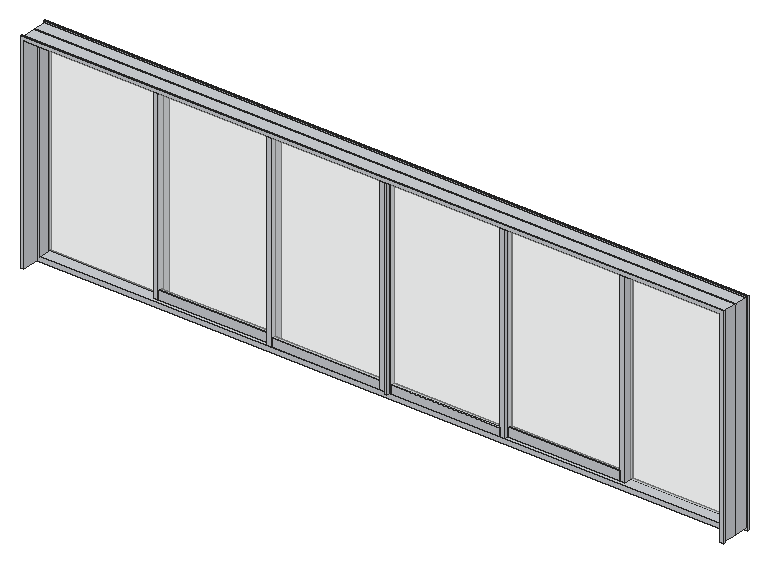
Revit family "APL Residential Thermal Heart Sliding Door FSSSSF", category Doors, host Wall, Revit 2017 (continued)
Definition of nested family "APL Residential Thermal Heart Sliding Door FSSSSF Horizontal Section"
  Definition of nested family "Jointer Stiles"
    Definition of nested family "65540_Keeper Stile"
      Lines and regions (mm)
        model lines, in view "Ref. Level"
          curve 163: arc (8.477, -5.399, 0) -> (8.741, -5.283, 0) -> (8.785, -4.997, 0) r 0.3
          curve 164: arc (8.271, -3.587, 0) -> (8.184, -3.461, 0) -> (8.046, -3.395, 0) r 0.3
          curve 165: arc (8.046, -3.395, 0) -> (7.804, -3.122, 0) -> (8.003, -2.817, 0) r 0.3
          curve 166: arc (-6.5, 15.3, 0) -> (-6.354, 14.946, 0) -> (-6, 14.8, 0) r 0.5
          curve 167: arc (6, 14.8, 0) -> (6.354, 14.946, 0) -> (6.5, 15.3, 0) r 0.5
          curve 168: arc (6.5, 42.105, 0) -> (6.207, 42.812, 0) -> (5.5, 43.105, 0) r 1
          curve 169: arc (-5.5, 43.105, 0) -> (-6.207, 42.812, 0) -> (-6.5, 42.105, 0) r 1
          curve 170: line (-6.2, 0.001, 0) -> (-0.597, 0.001, 0)
          curve 171: line (-0.397, 0.201, 0) -> (-0.397, 12.7, 0)
          curve 172: line (-0.897, 13.2, 0) -> (-5.9, 13.2, 0)
          curve 173: line (-6.4, 12.7, 0) -> (-6.4, 0.203, 0)
          curve 174: line (8.003, -2.817, 0) -> (8.003, -0.5, 0)
          curve 175: line (7.503, 0, 0) -> (2.003, 0, 0)
          curve 176: line (1.503, 0.5, 0) -> (1.503, 12.7, 0)
          curve 177: line (2.003, 13.2, 0) -> (6, 13.2, 0)
          curve 178: line (8.124, 14.3, 0) -> (23.631, 14.3, 0)
          curve 179: line (23.824, 14.048, 0) -> (23.423, 12.552, 0)
          curve 180: line (23.616, 12.3, 0) -> (24.447, 12.3, 0)
          curve 181: line (24.447, 12.3, 0) -> (25.8, 12.538, 0)
          curve 182: line (25.965, 12.735, 0) -> (25.965, 14, 0)
          curve 183: line (25.965, 14, 0) -> (26.807, 14, 0)
          curve 184: line (27.007, 14.2, 0) -> (27.007, 15.35, 0)
          curve 185: line (27.007, 15.35, 0) -> (27.378, 15.35, 0)
          curve 186: line (27.378, 16.1, 0) -> (8.2, 16.1, 0)
          curve 187: line (8, 16.3, 0) -> (8, 42.105, 0)
          curve 188: line (4, 46.105, 0) -> (-4, 46.105, 0)
          curve 189: line (-8, 42.105, 0) -> (-8, 16.3, 0)
          curve 190: line (-8.2, 16.1, 0) -> (-26.047, 16.1, 0)
          curve 191: line (-26.247, 15.9, 0) -> (-26.247, 15.699, 0)
          curve 192: line (-25.247, 14.699, 0) -> (-24.247, 14.699, 0)
          curve 193: line (-24.247, 14.699, 0) -> (-20.243, 14.413, 0)
          curve 194: line (-19.887, 14.4, 0) -> (-8.5, 14.4, 0)
          curve 195: line (-8, 13.9, 0) -> (-8, 3.801, 0)
          curve 196: line (-8, 3.801, 0) -> (-7.6, 3.401, 0)
          curve 197: line (-7.6, 3.401, 0) -> (-8, 3.001, 0)
          curve 198: line (-8, 3.001, 0) -> (-8, -2.816, 0)
          curve 199: line (-8.268, -3.586, 0) -> (-8.782, -4.997, 0)
          curve 200: line (-8.474, -5.398, 0) -> (-6.108, -5.191, 0)
          curve 201: line (-5.922, -5.104, 0) -> (-5.559, -4.741, 0)
          curve 202: line (-5.648, -4.406, 0) -> (-5.816, -4.361, 0)
          curve 203: line (-5.816, -4.361, 0) -> (-6.49, -2.231, 0)
          curve 204: line (-6.49, -2.231, 0) -> (-6.5, -1.999, 0)
          curve 205: line (-5.753, -1.899, 0) -> (-2.525, -1.899, 0)
          curve 206: line (-2.525, -1.899, 0) -> (-1.75, -1.706, 0)
          curve 207: line (-1.5, -1.899, 0) -> (-1.5, -2.42, 0)
          curve 208: line (-1.5, -2.42, 0) -> (-2.309, -3.83, 0)
          curve 209: line (-2.45, -4.399, 0) -> (-0.425, -4.399, 0)
          curve 210: line (-0.255, -4.303, 0) -> (-0.17, -4.164, 0)
          curve 211: line (0.172, -4.164, 0) -> (0.257, -4.304, 0)
          curve 212: line (0.428, -4.4, 0) -> (2.452, -4.4, 0)
          curve 213: line (2.312, -3.831, 0) -> (1.547, -2.577, 0)
          curve 214: line (1.547, -2.577, 0) -> (1.503, -1.9, 0)
          curve 215: line (1.753, -1.706, 0) -> (2.478, -1.894, 0)
          curve 216: line (2.478, -1.894, 0) -> (5.756, -1.9, 0)
          curve 217: line (6.503, -2.154, 0) -> (5.96, -4.221, 0)
          curve 218: line (5.96, -4.221, 0) -> (5.651, -4.407, 0)
          curve 219: line (5.561, -4.741, 0) -> (5.925, -5.105, 0)
          curve 220: line (6.111, -5.192, 0) -> (8.477, -5.399, 0)
          curve 221: line (8.785, -4.997, 0) -> (8.271, -3.587, 0)
          curve 222: line (-6.5, 42.105, 0) -> (-6.5, 34.899, 0)
          curve 223: line (-6.5, 34.899, 0) -> (-5.5, 33.899, 0)
          curve 224: line (-5.5, 33.899, 0) -> (-5.5, 27.899, 0)
          curve 225: line (-5.5, 27.899, 0) -> (-6.5, 26.899, 0)
          curve 226: line (-6.5, 26.899, 0) -> (-6.5, 15.3, 0)
          curve 227: line (-6, 14.8, 0) -> (6, 14.8, 0)
          curve 228: line (6.5, 15.3, 0) -> (6.5, 42.105, 0)
          curve 229: line (5.5, 43.105, 0) -> (-5.5, 43.105, 0)
          curve 230: arc (2.403, -16.7, 0) -> (2.12, -16.583, 0) -> (2.003, -16.3, 0) r 0.4
          curve 231: arc (2.003, -16.007, 0) -> (2.016, -15.904, 0) -> (2.057, -15.807, 0) r 0.4
          curve 232: arc (2.941, -14.279, 0) -> (3.062, -13.989, 0) -> (3.103, -13.678, 0) r 1.2
          curve 233: arc (3.103, -12.755, 0) -> (3.284, -12.182, 0) -> (3.761, -11.816, 0) r 1
          curve 234: arc (5.94, -11.023, 0) -> (6.13, -10.876, 0) -> (6.203, -10.647, 0) r 0.4
          curve 235: arc (6.203, -7.953, 0) -> (6.13, -7.724, 0) -> (5.94, -7.577, 0) r 0.4
          curve 236: arc (3.761, -6.784, 0) -> (3.284, -6.418, 0) -> (3.103, -5.845, 0) r 1
          curve 237: arc (3.103, -4.922, 0) -> (3.062, -4.611, 0) -> (2.941, -4.321, 0) r 1.2
          curve 238: arc (2.057, -2.793, 0) -> (2.016, -2.696, 0) -> (2.003, -2.593, 0) r 0.4
          curve 239: arc (2.003, -2.3, 0) -> (2.12, -2.017, 0) -> (2.403, -1.9, 0) r 0.4
          curve 240: arc (5.803, -1.9, 0) -> (6.086, -2.017, 0) -> (6.203, -2.3, 0) r 0.4
          curve 241: arc (6.203, -2.593, 0) -> (6.189, -2.696, 0) -> (6.149, -2.793, 0) r 0.4
          curve 242: arc (5.264, -4.321, 0) -> (5.143, -4.615, 0) -> (5.103, -4.93, 0) r 1.2
          curve 243: arc (5.103, -4.93, 0) -> (5.156, -5.105, 0) -> (5.3, -5.216, 0) r 0.3
          curve 244: arc (7.74, -6.104, 0) -> (7.93, -6.251, 0) -> (8.003, -6.48, 0) r 0.4
          curve 245: arc (8.003, -12.12, 0) -> (7.93, -12.349, 0) -> (7.74, -12.496, 0) r 0.4
          curve 246: arc (5.3, -13.384, 0) -> (5.156, -13.495, 0) -> (5.103, -13.67, 0) r 0.3
          curve 247: arc (5.103, -13.67, 0) -> (5.143, -13.985, 0) -> (5.264, -14.279, 0) r 1.2
          curve 248: arc (6.149, -15.807, 0) -> (6.189, -15.904, 0) -> (6.203, -16.007, 0) r 0.4
          curve 249: arc (6.203, -16.3, 0) -> (6.086, -16.583, 0) -> (5.803, -16.7, 0) r 0.4
          curve 250: line (2.003, -16.3, 0) -> (2.003, -16.007, 0)
          curve 251: line (2.057, -15.807, 0) -> (2.941, -14.279, 0)
          curve 252: line (3.103, -13.678, 0) -> (3.103, -12.755, 0)
          curve 253: line (3.761, -11.816, 0) -> (5.94, -11.023, 0)
          curve 254: line (6.203, -10.647, 0) -> (6.203, -7.953, 0)
          curve 255: line (5.94, -7.577, 0) -> (3.761, -6.784, 0)
          curve 256: line (3.103, -5.845, 0) -> (3.103, -4.922, 0)
          curve 257: line (2.941, -4.321, 0) -> (2.057, -2.793, 0)
          curve 258: line (2.003, -2.593, 0) -> (2.003, -2.3, 0)
          curve 259: line (2.403, -1.9, 0) -> (5.803, -1.9, 0)
          curve 260: line (6.203, -2.3, 0) -> (6.203, -2.593, 0)
          curve 261: line (6.149, -2.793, 0) -> (5.264, -4.321, 0)
          curve 262: line (5.3, -5.216, 0) -> (7.74, -6.104, 0)
          curve 263: line (8.003, -6.48, 0) -> (8.003, -12.12, 0)
          curve 264: line (7.74, -12.496, 0) -> (5.3, -13.384, 0)
          curve 265: line (5.264, -14.279, 0) -> (6.149, -15.807, 0)
          curve 266: line (6.203, -16.007, 0) -> (6.203, -16.3, 0)
          curve 267: line (5.803, -16.7, 0) -> (2.403, -16.7, 0)
          curve 268: arc (-2.4, -16.699, 0) -> (-2.117, -16.582, 0) -> (-2, -16.299, 0) r 0.4
          curve 269: arc (-2, -16.007, 0) -> (-2.014, -15.903, 0) -> (-2.054, -15.806, 0) r 0.4
          curve 270: arc (-2.939, -14.278, 0) -> (-3.059, -13.988, 0) -> (-3.1, -13.677, 0) r 1.2
          curve 271: arc (-3.1, -12.754, 0) -> (-3.281, -12.181, 0) -> (-3.758, -11.815, 0) r 1
          curve 272: arc (-5.937, -11.022, 0) -> (-6.128, -10.875, 0) -> (-6.2, -10.646, 0) r 0.4
          curve 273: arc (-6.2, -7.952, 0) -> (-6.128, -7.723, 0) -> (-5.937, -7.577, 0) r 0.4
          curve 274: arc (-3.758, -6.784, 0) -> (-3.281, -6.417, 0) -> (-3.1, -5.844, 0) r 1
          curve 275: arc (-3.1, -4.921, 0) -> (-3.059, -4.61, 0) -> (-2.939, -4.32, 0) r 1.2
          curve 276: arc (-2.054, -2.792, 0) -> (-2.014, -2.695, 0) -> (-2, -2.592, 0) r 0.4
          curve 277: arc (-2, -2.299, 0) -> (-2.117, -2.016, 0) -> (-2.4, -1.899, 0) r 0.4
          curve 278: arc (-5.8, -1.899, 0) -> (-6.083, -2.016, 0) -> (-6.2, -2.299, 0) r 0.4
          curve 279: arc (-6.2, -2.592, 0) -> (-6.186, -2.695, 0) -> (-6.146, -2.792, 0) r 0.4
          curve 280: arc (-5.261, -4.32, 0) -> (-5.14, -4.614, 0) -> (-5.1, -4.93, 0) r 1.2
          curve 281: arc (-5.1, -4.93, 0) -> (-5.153, -5.104, 0) -> (-5.297, -5.216, 0) r 0.3
          curve 282: arc (-7.737, -6.103, 0) -> (-7.928, -6.25, 0) -> (-8, -6.479, 0) r 0.4
          curve 283: arc (-8, -12.119, 0) -> (-7.928, -12.349, 0) -> (-7.737, -12.495, 0) r 0.4
          curve 284: arc (-5.297, -13.383, 0) -> (-5.153, -13.494, 0) -> (-5.1, -13.669, 0) r 0.3
          curve 285: arc (-5.1, -13.669, 0) -> (-5.14, -13.984, 0) -> (-5.261, -14.278, 0) r 1.2
          curve 286: arc (-6.146, -15.806, 0) -> (-6.186, -15.903, 0) -> (-6.2, -16.007, 0) r 0.4
          curve 287: arc (-6.2, -16.299, 0) -> (-6.083, -16.582, 0) -> (-5.8, -16.699, 0) r 0.4
          curve 288: line (-2, -16.299, 0) -> (-2, -16.007, 0)
          curve 289: line (-2.054, -15.806, 0) -> (-2.939, -14.278, 0)
          curve 290: line (-3.1, -13.677, 0) -> (-3.1, -12.754, 0)
          curve 291: line (-3.758, -11.815, 0) -> (-5.937, -11.022, 0)
          curve 292: line (-6.2, -10.646, 0) -> (-6.2, -7.952, 0)
          curve 293: line (-5.937, -7.577, 0) -> (-3.758, -6.784, 0)
          curve 294: line (-3.1, -5.844, 0) -> (-3.1, -4.921, 0)
          curve 295: line (-2.939, -4.32, 0) -> (-2.054, -2.792, 0)
          curve 296: line (-2, -2.592, 0) -> (-2, -2.299, 0)
          curve 297: line (-2.4, -1.899, 0) -> (-5.8, -1.899, 0)
          curve 298: line (-6.2, -2.299, 0) -> (-6.2, -2.592, 0)
          curve 299: line (-6.146, -2.792, 0) -> (-5.261, -4.32, 0)
          curve 300: line (-5.297, -5.216, 0) -> (-7.737, -6.103, 0)
          curve 301: line (-8, -6.479, 0) -> (-8, -12.119, 0)
          curve 302: line (-7.737, -12.495, 0) -> (-5.297, -13.383, 0)
          curve 303: line (-5.261, -14.278, 0) -> (-6.146, -15.806, 0)
          curve 304: line (-6.2, -16.007, 0) -> (-6.2, -16.299, 0)
          curve 305: line (-5.8, -16.699, 0) -> (-2.4, -16.699, 0)
      Text (mm)
        text "65540" at (35.06, 37.609, 0), in view "Ref. Level"
    Definition of nested family "65530_Lock Stile"
      Reference planes
        plane 1 "Center (Front/Back)": y = 0
        plane 2: z = 0
        plane 3 "Center (Left/Right)": x = 0
      Lines and regions (mm)
        model lines, in view "Ref. Level"
          curve 1: arc (-6.459, -13.382, 0) -> (-6.382, -13.54, 0) -> (-6.209, -13.576, 0) r 0.2
          curve 2: arc (-2.207, -13.382, 0) -> (-2.084, -13.408, 0) -> (-1.983, -13.482, 0) r 0.3
          curve 3: arc (-1.983, -13.482, 0) -> (-1.652, -13.562, 0) -> (-1.459, -13.282, 0) r 0.3
          curve 4: arc (-2.002, -11.062, 0) -> (-2.054, -10.972, 0) -> (-2.144, -10.92, 0) r 0.2
          curve 5: arc (-2.311, -10.875, 0) -> (-2.453, -10.734, 0) -> (-2.401, -10.541, 0) r 0.2
          curve 6: arc (-2.037, -10.177, 0) -> (-1.952, -10.117, 0) -> (-1.851, -10.09, 0) r 0.3
          curve 7: arc (0.514, -9.883, 0) -> (0.779, -9.999, 0) -> (0.823, -10.285, 0) r 0.3
          curve 8: arc (0.309, -11.696, 0) -> (0.222, -11.821, 0) -> (0.084, -11.888, 0) r 0.3
          curve 9: arc (0.084, -11.888, 0) -> (-0.159, -12.16, 0) -> (0.041, -12.465, 0) r 0.3
          curve 10: arc (0.041, -13.235, 0) -> (0.187, -13.589, 0) -> (0.541, -13.735, 0) r 0.5
          curve 11: arc (3.102, -13.735, 0) -> (3.281, -13.739, 0) -> (3.459, -13.748, 0) r 5
          curve 12: arc (8.963, -14.035, 0) -> (9.316, -14.181, 0) -> (9.463, -14.535, 0) r 0.5
          curve 13: arc (9.463, -14.936, 0) -> (9.316, -15.289, 0) -> (8.963, -15.436, 0) r 0.5
          curve 14: arc (-53.587, -15.433, 0) -> (-53.962, -15.058, 0) -> (-53.587, -14.683, 0) r 0.375
          curve 15: arc (-53.212, -11.432, 0) -> (-53.153, -11.291, 0) -> (-53.012, -11.232, 0) r 0.2
          curve 16: arc (-51.582, -11.232, 0) -> (-51.44, -11.291, 0) -> (-51.382, -11.432, 0) r 0.2
          curve 17: arc (-51.382, -12.032, 0) -> (-51.44, -12.173, 0) -> (-51.582, -12.232, 0) r 0.2
          curve 18: arc (-51.932, -12.232, 0) -> (-52.073, -12.291, 0) -> (-52.132, -12.432, 0) r 0.2
          curve 19: arc (-52.132, -13.032, 0) -> (-52.073, -13.173, 0) -> (-51.932, -13.232, 0) r 0.2
          curve 20: arc (-51.582, -13.232, 0) -> (-51.44, -13.291, 0) -> (-51.382, -13.432, 0) r 0.2
          curve 21: arc (-51.382, -13.433, 0) -> (-51.323, -13.574, 0) -> (-51.182, -13.633, 0) r 0.2
          curve 22: arc (-49.582, -13.633, 0) -> (-49.44, -13.574, 0) -> (-49.382, -13.433, 0) r 0.2
          curve 23: arc (-49.382, -13.432, 0) -> (-49.323, -13.291, 0) -> (-49.182, -13.232, 0) r 0.2
          curve 24: arc (-48.832, -13.232, 0) -> (-48.69, -13.173, 0) -> (-48.632, -13.032, 0) r 0.2
          curve 25: arc (-48.632, -12.432, 0) -> (-48.69, -12.291, 0) -> (-48.832, -12.232, 0) r 0.2
          curve 26: arc (-49.182, -12.232, 0) -> (-49.323, -12.173, 0) -> (-49.382, -12.032, 0) r 0.2
          curve 27: arc (-49.382, -11.432, 0) -> (-49.323, -11.291, 0) -> (-49.182, -11.232, 0) r 0.2
          curve 28: arc (-46.082, -11.232, 0) -> (-45.94, -11.291, 0) -> (-45.882, -11.432, 0) r 0.2
          curve 29: arc (-45.882, -12.032, 0) -> (-45.94, -12.173, 0) -> (-46.082, -12.232, 0) r 0.2
          curve 30: arc (-46.832, -12.232, 0) -> (-47.185, -12.379, 0) -> (-47.332, -12.732, 0) r 0.5
          curve 31: arc (-47.332, -13.133, 0) -> (-47.185, -13.486, 0) -> (-46.832, -13.633, 0) r 0.5
          curve 32: arc (-34.709, -13.632, 0) -> (-34.356, -13.486, 0) -> (-34.209, -13.132, 0) r 0.5
          curve 33: arc (-34.209, -11.315, 0) -> (-34.01, -11.01, 0) -> (-34.253, -10.737, 0) r 0.3
          curve 34: arc (-34.253, -10.737, 0) -> (-34.391, -10.671, 0) -> (-34.478, -10.546, 0) r 0.3
          curve 35: arc (-34.991, -9.135, 0) -> (-34.947, -8.849, 0) -> (-34.683, -8.733, 0) r 0.3
          curve 36: arc (-32.318, -8.94, 0) -> (-32.217, -8.967, 0) -> (-32.132, -9.027, 0) r 0.3
          curve 37: arc (-31.768, -9.391, 0) -> (-31.716, -9.584, 0) -> (-31.858, -9.725, 0) r 0.2
          curve 38: arc (-32.025, -9.77, 0) -> (-32.115, -9.822, 0) -> (-32.166, -9.911, 0) r 0.2
          curve 39: arc (-32.709, -12.132, 0) -> (-32.516, -12.412, 0) -> (-32.186, -12.332, 0) r 0.3
          curve 40: arc (-32.186, -12.332, 0) -> (-32.085, -12.258, 0) -> (-31.962, -12.232, 0) r 0.3
          curve 41: arc (-27.959, -12.426, 0) -> (-27.787, -12.39, 0) -> (-27.709, -12.232, 0) r 0.2
          curve 42: arc (-27.709, -11.711, 0) -> (-27.721, -11.63, 0) -> (-27.753, -11.555, 0) r 0.3
          curve 43: arc (-28.518, -10.301, 0) -> (-28.688, -10.304, 0) -> (-28.821, -10.198, 0) r 0.25
          curve 44: arc (-28.873, -10.112, 0) -> (-28.877, -9.86, 0) -> (-28.659, -9.732, 0) r 0.25
          curve 45: arc (-26.92, -9.732, 0) -> (-26.676, -9.796, 0) -> (-26.494, -9.972, 0) r 0.5
          curve 46: arc (-25.883, -10.973, 0) -> (-25.828, -11.098, 0) -> (-25.809, -11.233, 0) r 0.5
          curve 47: arc (-25.809, -13.029, 0) -> (-25.664, -13.384, 0) -> (-25.309, -13.532, 0) r 0.5
          curve 48: arc (-8.559, -13.531, 0) -> (-8.418, -13.473, 0) -> (-8.359, -13.331, 0) r 0.2
          curve 49: arc (-8.359, -11.084, 0) -> (-8.301, -10.941, 0) -> (-8.159, -10.882, 0) r 0.2
          curve 50: arc (-5.51, -10.882, 0) -> (-5.292, -11.01, 0) -> (-5.296, -11.262, 0) r 0.25
          curve 51: arc (-5.348, -11.348, 0) -> (-5.481, -11.454, 0) -> (-5.65, -11.451, 0) r 0.25
          curve 52: arc (-6.415, -12.705, 0) -> (-6.448, -12.78, 0) -> (-6.459, -12.861, 0) r 0.3
          curve 53: line (-6.209, -13.576, 0) -> (-5.459, -13.382, 0)
          curve 54: line (-5.484, -13.388, 0) -> (-2.207, -13.382, 0)
          curve 55: line (-1.459, -13.128, 0) -> (-2.002, -11.062, 0)
          curve 56: line (-2.002, -11.062, 0) -> (-2.311, -10.875, 0)
          curve 57: line (-2.401, -10.541, 0) -> (-2.037, -10.177, 0)
          curve 58: line (-1.851, -10.09, 0) -> (0.514, -9.883, 0)
          curve 59: line (0.823, -10.285, 0) -> (0.309, -11.696, 0)
          curve 60: line (0.041, -12.465, 0) -> (0.041, -13.235, 0)
          curve 61: line (0.541, -13.735, 0) -> (3.102, -13.735, 0)
          curve 62: line (3.459, -13.748, 0) -> (7.463, -14.035, 0)
          curve 63: line (7.463, -14.035, 0) -> (8.963, -14.035, 0)
          curve 64: line (9.463, -14.535, 0) -> (9.463, -14.936, 0)
          curve 65: line (8.963, -15.436, 0) -> (-53.587, -15.436, 0)
          curve 66: line (-53.587, -14.683, 0) -> (-53.212, -14.683, 0)
          curve 67: line (-53.212, -14.683, 0) -> (-53.212, -11.432, 0)
          curve 68: line (-53.012, -11.232, 0) -> (-51.582, -11.232, 0)
          curve 69: line (-51.382, -11.432, 0) -> (-51.382, -12.032, 0)
          curve 70: line (-51.582, -12.232, 0) -> (-51.932, -12.232, 0)
          curve 71: line (-52.132, -12.432, 0) -> (-52.132, -13.032, 0)
          curve 72: line (-51.932, -13.232, 0) -> (-51.582, -13.232, 0)
          curve 73: line (-51.182, -13.633, 0) -> (-49.582, -13.633, 0)
          curve 74: line (-49.182, -13.232, 0) -> (-48.832, -13.232, 0)
          curve 75: line (-48.632, -13.032, 0) -> (-48.632, -12.432, 0)
          curve 76: line (-48.832, -12.232, 0) -> (-49.182, -12.232, 0)
          curve 77: line (-49.382, -12.032, 0) -> (-49.382, -11.432, 0)
          curve 78: line (-49.182, -11.232, 0) -> (-46.082, -11.232, 0)
          curve 79: line (-45.882, -11.432, 0) -> (-45.882, -12.032, 0)
          curve 80: line (-46.082, -12.232, 0) -> (-46.832, -12.232, 0)
          curve 81: line (-47.332, -12.732, 0) -> (-47.332, -13.133, 0)
          curve 82: line (-46.832, -13.633, 0) -> (-34.709, -13.633, 0)
          curve 83: line (-34.209, -13.132, 0) -> (-34.209, -11.315, 0)
          curve 84: line (-34.478, -10.546, 0) -> (-34.991, -9.135, 0)
          curve 85: line (-34.683, -8.733, 0) -> (-32.318, -8.94, 0)
          curve 86: line (-32.132, -9.027, 0) -> (-31.768, -9.391, 0)
          curve 87: line (-31.858, -9.725, 0) -> (-32.025, -9.77, 0)
          curve 88: line (-32.025, -9.77, 0) -> (-32.699, -11.9, 0)
          curve 89: line (-32.699, -11.9, 0) -> (-32.709, -12.132, 0)
          curve 90: line (-31.962, -12.232, 0) -> (-28.735, -12.232, 0)
          curve 91: line (-28.735, -12.232, 0) -> (-27.959, -12.426, 0)
          curve 92: line (-27.709, -12.232, 0) -> (-27.709, -11.711, 0)
          curve 93: line (-27.709, -11.711, 0) -> (-28.518, -10.301, 0)
          curve 94: line (-28.659, -9.732, 0) -> (-26.92, -9.732, 0)
          curve 95: line (-26.494, -9.972, 0) -> (-25.883, -10.973, 0)
          curve 96: line (-25.809, -11.233, 0) -> (-25.809, -13.029, 0)
          curve 97: line (-25.309, -13.532, 0) -> (-8.559, -13.532, 0)
          curve 98: line (-8.359, -13.331, 0) -> (-8.359, -11.084, 0)
          curve 99: line (-8.159, -10.882, 0) -> (-5.51, -10.882, 0)
          curve 100: line (-5.65, -11.451, 0) -> (-6.415, -12.705, 0)
          curve 101: line (-6.415, -12.705, 0) -> (-6.459, -13.382, 0)
          curve 102: arc (-53.584, 20.568, 0) -> (-53.959, 20.193, 0) -> (-53.584, 19.818, 0) r 0.375
          curve 103: arc (-53.214, 18.668, 0) -> (-53.155, 18.527, 0) -> (-53.014, 18.468, 0) r 0.201
          curve 104: arc (-52.172, 17.203, 0) -> (-52.125, 17.075, 0) -> (-52.007, 17.006, 0) r 0.2
          curve 105: arc (-49.823, 16.768, 0) -> (-49.664, 16.846, 0) -> (-49.629, 17.02, 0) r 0.2
          curve 106: arc (-50.031, 18.516, 0) -> (-49.996, 18.69, 0) -> (-49.837, 18.768, 0) r 0.2
          curve 107: arc (-28.209, 18.768, 0) -> (-27.856, 18.621, 0) -> (-27.709, 18.268, 0) r 0.5
          curve 108: arc (-27.709, 4.968, 0) -> (-27.853, 4.612, 0) -> (-28.209, 4.468, 0) r 0.491
          curve 109: arc (-33.709, 4.468, 0) -> (-34.062, 4.321, 0) -> (-34.209, 3.968, 0) r 0.502
          curve 110: arc (-34.209, 1.651, 0) -> (-34.01, 1.346, 0) -> (-34.253, 1.073, 0) r 0.3
          curve 111: arc (-34.253, 1.073, 0) -> (-34.391, 1.007, 0) -> (-34.478, 0.881, 0) r 0.3
          curve 112: arc (-34.991, -0.529, 0) -> (-34.947, -0.815, 0) -> (-34.683, -0.931, 0) r 0.3
          curve 113: arc (-32.318, -0.724, 0) -> (-32.217, -0.697, 0) -> (-32.132, -0.637, 0) r 0.3
          curve 114: arc (-31.768, -0.273, 0) -> (-31.716, -0.08, 0) -> (-31.858, 0.061, 0) r 0.2
          curve 115: arc (-32.025, 0.106, 0) -> (-32.115, 0.158, 0) -> (-32.166, 0.247, 0) r 0.2
          curve 116: arc (-32.709, 2.468, 0) -> (-32.516, 2.748, 0) -> (-32.186, 2.668, 0) r 0.3
          curve 117: arc (-32.186, 2.668, 0) -> (-32.085, 2.594, 0) -> (-31.962, 2.568, 0) r 0.3
          curve 118: arc (-27.959, 2.762, 0) -> (-27.787, 2.726, 0) -> (-27.709, 2.568, 0) r 0.2
          curve 119: arc (-27.709, 2.047, 0) -> (-27.721, 1.966, 0) -> (-27.753, 1.89, 0) r 0.3
          curve 120: arc (-28.518, 0.637, 0) -> (-28.688, 0.64, 0) -> (-28.821, 0.534, 0) r 0.25
          curve 121: arc (-28.873, 0.448, 0) -> (-28.877, 0.196, 0) -> (-28.659, 0.068, 0) r 0.25
          curve 122: arc (-8.862, 0.068, 0) -> (-8.507, -0.078, 0) -> (-8.359, -0.432, 0) r 0.5
          curve 123: arc (-8.359, -0.881, 0) -> (-8.301, -1.023, 0) -> (-8.159, -1.082, 0) r 0.2
          curve 124: arc (-5.51, -1.082, 0) -> (-5.292, -0.955, 0) -> (-5.296, -0.702, 0) r 0.25
          curve 125: arc (-5.348, -0.616, 0) -> (-5.481, -0.51, 0) -> (-5.65, -0.513, 0) r 0.25
          curve 126: arc (-6.415, 0.74, 0) -> (-6.448, 0.816, 0) -> (-6.459, 0.897, 0) r 0.3
          curve 127: arc (-6.459, 1.418, 0) -> (-6.382, 1.576, 0) -> (-6.209, 1.612, 0) r 0.2
          curve 128: arc (-2.207, 1.418, 0) -> (-2.084, 1.444, 0) -> (-1.983, 1.518, 0) r 0.3
          curve 129: arc (-1.983, 1.518, 0) -> (-1.652, 1.598, 0) -> (-1.459, 1.318, 0) r 0.3
          curve 130: arc (-2.002, -0.903, 0) -> (-2.054, -0.992, 0) -> (-2.144, -1.044, 0) r 0.2
          curve 131: arc (-2.311, -1.089, 0) -> (-2.453, -1.23, 0) -> (-2.401, -1.424, 0) r 0.2
          curve 132: arc (-2.037, -1.787, 0) -> (-1.952, -1.847, 0) -> (-1.851, -1.874, 0) r 0.3
          curve 133: arc (0.514, -2.081, 0) -> (0.779, -1.965, 0) -> (0.823, -1.679, 0) r 0.3
          curve 134: arc (0.309, -0.269, 0) -> (0.222, -0.143, 0) -> (0.084, -0.077, 0) r 0.3
          curve 135: arc (0.084, -0.077, 0) -> (-0.159, 0.195, 0) -> (0.041, 0.501, 0) r 0.3
          curve 136: arc (0.041, 13.489, 0) -> (0.099, 13.631, 0) -> (0.241, 13.689, 0) r 0.2
          curve 137: arc (9.264, 13.689, 0) -> (9.406, 13.748, 0) -> (9.464, 13.889, 0) r 0.2
          curve 138: arc (9.464, 14.489, 0) -> (9.406, 14.631, 0) -> (9.264, 14.689, 0) r 0.2
          curve 139: arc (-5.76, 14.689, 0) -> (-5.902, 14.748, 0) -> (-5.96, 14.889, 0) r 0.2
          curve 140: arc (-5.96, 18.939, 0) -> (-5.902, 19.081, 0) -> (-5.76, 19.139, 0) r 0.2
          curve 141: arc (-2.21, 19.139, 0) -> (-2.033, 19.066, 0) -> (-1.96, 18.889, 0) r 0.25
          curve 142: arc (-1.96, 17.439, 0) -> (-1.806, 17.208, 0) -> (-1.533, 17.262, 0) r 0.25
          curve 143: arc (0.04, 20.368, 0) -> (-0.019, 20.509, 0) -> (-0.16, 20.568, 0) r 0.2
          curve 144: arc (-7.86, 14.889, 0) -> (-7.245, 13.404, 0) -> (-5.76, 12.789, 0) r 2.1
          curve 145: arc (-2.359, 12.789, 0) -> (-2.006, 12.643, 0) -> (-1.859, 12.289, 0) r 0.5
          curve 146: arc (-1.859, 3.818, 0) -> (-2.006, 3.464, 0) -> (-2.36, 3.318, 0) r 0.501
          curve 147: arc (-8.159, 3.318, 0) -> (-8.301, 3.259, 0) -> (-8.359, 3.118, 0) r 0.2
          curve 148: arc (-8.359, 2.468, 0) -> (-8.506, 2.114, 0) -> (-8.859, 1.968, 0) r 0.5
          curve 149: arc (-25.307, 1.968, 0) -> (-25.662, 2.114, 0) -> (-25.809, 2.468, 0) r 0.5
          curve 150: arc (-25.809, 18.168, 0) -> (-25.663, 18.521, 0) -> (-25.309, 18.668, 0) r 0.5
          curve 151: arc (-8.36, 18.659, 0) -> (-8.007, 18.512, 0) -> (-7.86, 18.159, 0) r 0.5
          curve 152: line (-0.912, 20.568, 0) -> (-0.16, 20.568, 0)
          curve 153: line (-0.16, 20.568, 0) -> (-53.584, 20.568, 0)
          curve 154: line (-53.584, 19.818, 0) -> (-53.214, 19.818, 0)
          curve 155: line (-53.214, 19.818, 0) -> (-53.214, 18.668, 0)
          curve 156: line (-53.014, 18.468, 0) -> (-52.172, 18.468, 0)
          curve 157: line (-52.172, 18.468, 0) -> (-52.172, 17.203, 0)
          curve 158: line (-52.007, 17.006, 0) -> (-50.654, 16.768, 0)
          curve 159: line (-50.654, 16.768, 0) -> (-49.823, 16.768, 0)
          curve 160: line (-49.629, 17.02, 0) -> (-50.031, 18.516, 0)
          curve 161: line (-49.837, 18.768, 0) -> (-28.209, 18.768, 0)
          curve 162: line (-27.709, 18.268, 0) -> (-27.709, 4.968, 0)
          curve 163: line (-28.209, 4.468, 0) -> (-33.709, 4.468, 0)
          curve 164: line (-34.209, 3.968, 0) -> (-34.209, 1.651, 0)
          curve 165: line (-34.478, 0.881, 0) -> (-34.991, -0.529, 0)
          curve 166: line (-34.683, -0.931, 0) -> (-32.318, -0.724, 0)
          curve 167: line (-32.132, -0.637, 0) -> (-31.768, -0.273, 0)
          curve 168: line (-31.858, 0.061, 0) -> (-32.025, 0.106, 0)
          curve 169: line (-32.025, 0.106, 0) -> (-32.699, 2.236, 0)
          curve 170: line (-32.699, 2.236, 0) -> (-32.709, 2.468, 0)
          curve 171: line (-31.962, 2.568, 0) -> (-28.735, 2.568, 0)
          curve 172: line (-28.735, 2.568, 0) -> (-27.959, 2.762, 0)
          curve 173: line (-27.709, 2.568, 0) -> (-27.709, 2.047, 0)
          curve 174: line (-27.709, 2.047, 0) -> (-28.518, 0.637, 0)
          curve 175: line (-28.659, 0.068, 0) -> (-8.862, 0.068, 0)
          curve 176: line (-8.359, -0.432, 0) -> (-8.359, -0.881, 0)
          curve 177: line (-8.159, -1.082, 0) -> (-5.51, -1.082, 0)
          curve 178: line (-5.65, -0.513, 0) -> (-6.415, 0.74, 0)
          curve 179: line (-6.415, 0.74, 0) -> (-6.459, 1.418, 0)
          curve 180: line (-6.209, 1.612, 0) -> (-5.459, 1.418, 0)
          curve 181: line (-5.484, 1.424, 0) -> (-2.207, 1.418, 0)
          curve 182: line (-1.459, 1.163, 0) -> (-2.002, -0.903, 0)
          curve 183: line (-2.002, -0.903, 0) -> (-2.311, -1.089, 0)
          curve 184: line (-2.401, -1.424, 0) -> (-2.037, -1.787, 0)
          curve 185: line (-1.851, -1.874, 0) -> (0.514, -2.081, 0)
          curve 186: line (0.823, -1.679, 0) -> (0.309, -0.269, 0)
          curve 187: line (0.041, 0.501, 0) -> (0.041, 7.469, 0)
          curve 188: line (0.041, 7.469, 0) -> (-0.359, 7.869, 0)
          curve 189: line (-0.359, 7.869, 0) -> (0.041, 8.269, 0)
          curve 190: line (0.041, 8.269, 0) -> (0.041, 13.489, 0)
          curve 191: line (0.241, 13.689, 0) -> (9.264, 13.689, 0)
          curve 192: line (9.464, 13.889, 0) -> (9.464, 14.489, 0)
          curve 193: line (9.264, 14.689, 0) -> (-5.76, 14.689, 0)
          curve 194: line (-5.96, 14.889, 0) -> (-5.96, 18.939, 0)
          curve 195: line (-5.76, 19.139, 0) -> (-2.21, 19.139, 0)
          curve 196: line (-1.96, 18.889, 0) -> (-1.96, 17.439, 0)
          curve 197: line (-1.533, 17.262, 0) -> (-0.019, 18.777, 0)
          curve 198: line (-0.019, 18.777, 0) -> (0.04, 20.368, 0)
          curve 199: line (-5.76, 12.789, 0) -> (-2.359, 12.789, 0)
          curve 200: line (-1.859, 12.289, 0) -> (-1.859, 3.818, 0)
          curve 201: line (-2.36, 3.318, 0) -> (-8.159, 3.318, 0)
          curve 202: line (-8.359, 3.118, 0) -> (-8.359, 2.468, 0)
          curve 203: line (-8.859, 1.968, 0) -> (-25.307, 1.968, 0)
          curve 204: line (-25.809, 2.468, 0) -> (-25.809, 18.168, 0)
          curve 205: line (-25.309, 18.668, 0) -> (-8.36, 18.668, 0)
          curve 206: line (-7.86, 18.159, 0) -> (-7.86, 14.889, 0)
          curve 207: arc (-28.609, -12.232, 0) -> (-28.327, -12.115, 0) -> (-28.209, -11.832, 0) r 0.4
          curve 208: arc (-28.209, -11.539, 0) -> (-28.223, -11.436, 0) -> (-28.263, -11.339, 0) r 0.4
          curve 209: arc (-29.148, -9.811, 0) -> (-29.268, -9.521, 0) -> (-29.309, -9.21, 0) r 1.2
          curve 210: arc (-29.309, -8.287, 0) -> (-29.49, -7.714, 0) -> (-29.967, -7.348, 0) r 1
          curve 211: arc (-32.146, -6.555, 0) -> (-32.337, -6.408, 0) -> (-32.409, -6.179, 0) r 0.4
          curve 212: arc (-32.409, -3.485, 0) -> (-32.337, -3.256, 0) -> (-32.146, -3.109, 0) r 0.4
          curve 213: arc (-29.967, -2.316, 0) -> (-29.49, -1.95, 0) -> (-29.309, -1.377, 0) r 1
          curve 214: arc (-29.309, -0.454, 0) -> (-29.268, -0.143, 0) -> (-29.148, 0.147, 0) r 1.2
          curve 215: arc (-28.263, 1.675, 0) -> (-28.223, 1.772, 0) -> (-28.209, 1.875, 0) r 0.4
          curve 216: arc (-28.209, 2.168, 0) -> (-28.327, 2.451, 0) -> (-28.609, 2.568, 0) r 0.4
          curve 217: arc (-32.009, 2.568, 0) -> (-32.292, 2.451, 0) -> (-32.409, 2.168, 0) r 0.4
          curve 218: arc (-32.409, 1.875, 0) -> (-32.396, 1.772, 0) -> (-32.356, 1.675, 0) r 0.4
          curve 219: arc (-31.471, 0.147, 0) -> (-31.349, -0.147, 0) -> (-31.309, -0.462, 0) r 1.2
          curve 220: arc (-31.309, -0.462, 0) -> (-31.362, -0.637, 0) -> (-31.507, -0.748, 0) r 0.3
          curve 221: arc (-33.946, -1.636, 0) -> (-34.137, -1.783, 0) -> (-34.209, -2.012, 0) r 0.4
          curve 222: arc (-34.209, -7.652, 0) -> (-34.137, -7.881, 0) -> (-33.946, -8.028, 0) r 0.4
          curve 223: arc (-31.507, -8.916, 0) -> (-31.362, -9.027, 0) -> (-31.309, -9.202, 0) r 0.3
          curve 224: arc (-31.309, -9.202, 0) -> (-31.349, -9.517, 0) -> (-31.471, -9.811, 0) r 1.2
          curve 225: arc (-32.356, -11.339, 0) -> (-32.396, -11.436, 0) -> (-32.409, -11.539, 0) r 0.4
          curve 226: arc (-32.409, -11.832, 0) -> (-32.292, -12.115, 0) -> (-32.009, -12.232, 0) r 0.4
          curve 227: line (-28.209, -11.832, 0) -> (-28.209, -11.539, 0)
          curve 228: line (-28.263, -11.339, 0) -> (-29.148, -9.811, 0)
          curve 229: line (-29.309, -9.21, 0) -> (-29.309, -8.287, 0)
          curve 230: line (-29.967, -7.348, 0) -> (-32.146, -6.555, 0)
          curve 231: line (-32.409, -6.179, 0) -> (-32.409, -3.485, 0)
          curve 232: line (-32.146, -3.109, 0) -> (-29.967, -2.316, 0)
          curve 233: line (-29.309, -1.377, 0) -> (-29.309, -0.454, 0)
          curve 234: line (-29.148, 0.147, 0) -> (-28.263, 1.675, 0)
          curve 235: line (-28.209, 1.875, 0) -> (-28.209, 2.168, 0)
          curve 236: line (-28.609, 2.568, 0) -> (-32.009, 2.568, 0)
          curve 237: line (-32.409, 2.168, 0) -> (-32.409, 1.875, 0)
          curve 238: line (-32.356, 1.675, 0) -> (-31.471, 0.147, 0)
          curve 239: line (-31.507, -0.748, 0) -> (-33.946, -1.636, 0)
          curve 240: line (-34.209, -2.012, 0) -> (-34.209, -7.652, 0)
          curve 241: line (-33.946, -8.028, 0) -> (-31.507, -8.916, 0)
          curve 242: line (-31.471, -9.811, 0) -> (-32.356, -11.339, 0)
          curve 243: line (-32.409, -11.539, 0) -> (-32.409, -11.832, 0)
          curve 244: line (-32.009, -12.232, 0) -> (-28.609, -12.232, 0)
          curve 245: arc (-5.559, -13.382, 0) -> (-5.842, -13.265, 0) -> (-5.959, -12.982, 0) r 0.4
          curve 246: arc (-5.959, -12.69, 0) -> (-5.946, -12.586, 0) -> (-5.906, -12.489, 0) r 0.4
          curve 247: arc (-5.021, -10.961, 0) -> (-4.9, -10.671, 0) -> (-4.859, -10.36, 0) r 1.2
          curve 248: arc (-4.859, -9.437, 0) -> (-4.679, -8.864, 0) -> (-4.201, -8.498, 0) r 1
          curve 249: arc (-2.023, -7.705, 0) -> (-1.832, -7.558, 0) -> (-1.759, -7.329, 0) r 0.4
          curve 250: arc (-1.759, -4.635, 0) -> (-1.832, -4.406, 0) -> (-2.023, -4.26, 0) r 0.4
          curve 251: arc (-4.201, -3.466, 0) -> (-4.679, -3.1, 0) -> (-4.859, -2.527, 0) r 1
          curve 252: arc (-4.859, -1.604, 0) -> (-4.9, -1.293, 0) -> (-5.021, -1.003, 0) r 1.2
          curve 253: arc (-5.906, 0.525, 0) -> (-5.946, 0.622, 0) -> (-5.959, 0.725, 0) r 0.4
          curve 254: arc (-5.959, 1.018, 0) -> (-5.842, 1.301, 0) -> (-5.559, 1.418, 0) r 0.4
          curve 255: arc (-2.159, 1.418, 0) -> (-1.877, 1.301, 0) -> (-1.759, 1.018, 0) r 0.4
          curve 256: arc (-1.759, 0.725, 0) -> (-1.773, 0.622, 0) -> (-1.813, 0.525, 0) r 0.4
          curve 257: arc (-2.698, -1.003, 0) -> (-2.819, -1.297, 0) -> (-2.859, -1.612, 0) r 1.2
          curve 258: arc (-2.859, -1.612, 0) -> (-2.806, -1.787, 0) -> (-2.662, -1.898, 0) r 0.3
          curve 259: arc (-0.223, -2.786, 0) -> (-0.032, -2.933, 0) -> (0.041, -3.162, 0) r 0.4
          curve 260: arc (0.041, -8.802, 0) -> (-0.032, -9.031, 0) -> (-0.223, -9.178, 0) r 0.4
          curve 261: arc (-2.662, -10.066, 0) -> (-2.806, -10.177, 0) -> (-2.859, -10.352, 0) r 0.3
          curve 262: arc (-2.859, -10.352, 0) -> (-2.819, -10.667, 0) -> (-2.698, -10.961, 0) r 1.2
          curve 263: arc (-1.813, -12.489, 0) -> (-1.773, -12.586, 0) -> (-1.759, -12.69, 0) r 0.4
          curve 264: arc (-1.759, -12.982, 0) -> (-1.877, -13.265, 0) -> (-2.159, -13.382, 0) r 0.4
          curve 265: line (-5.959, -12.982, 0) -> (-5.959, -12.69, 0)
          curve 266: line (-5.906, -12.489, 0) -> (-5.021, -10.961, 0)
          curve 267: line (-4.859, -10.36, 0) -> (-4.859, -9.437, 0)
          curve 268: line (-4.201, -8.498, 0) -> (-2.023, -7.705, 0)
          curve 269: line (-1.759, -7.329, 0) -> (-1.759, -4.635, 0)
          curve 270: line (-2.023, -4.26, 0) -> (-4.201, -3.466, 0)
          curve 271: line (-4.859, -2.527, 0) -> (-4.859, -1.604, 0)
          curve 272: line (-5.021, -1.003, 0) -> (-5.906, 0.525, 0)
          curve 273: line (-5.959, 0.725, 0) -> (-5.959, 1.018, 0)
          curve 274: line (-5.559, 1.418, 0) -> (-2.159, 1.418, 0)
          curve 275: line (-1.759, 1.018, 0) -> (-1.759, 0.725, 0)
          curve 276: line (-1.813, 0.525, 0) -> (-2.698, -1.003, 0)
          curve 277: line (-2.662, -1.898, 0) -> (-0.223, -2.786, 0)
          curve 278: line (0.041, -3.162, 0) -> (0.041, -8.802, 0)
          curve 279: line (-0.223, -9.178, 0) -> (-2.662, -10.066, 0)
          curve 280: line (-2.698, -10.961, 0) -> (-1.813, -12.489, 0)
          curve 281: line (-1.759, -12.69, 0) -> (-1.759, -12.982, 0)
          curve 282: line (-2.159, -13.382, 0) -> (-5.559, -13.382, 0)
      Text (mm)
        text "65530" at (-31.187, 38.877, 0), in view "Ref. Level"
Definition of nested family "APL Residential Thermal Heart Sliding Door FSSSSF Vertical Section"
  Parameters (values of type "Groove Liner")
    Sill Liner = no
    Liner End [instance] = 10 mm
    Liner Block = Liner : Liner
    Liner [instance] = 100 mm
    Head Liner = yes
    Groove [instance] = 10 mm
    Glass Length [instance] = Box Height - 217.9 mm  # 482.1 mm
    Glass Fixed Length [instance] = Box Height - 60.5 mm  # 639.5 mm
    Box Height [instance] = 700 mm
  Types (2, lengths in mm): name | Liner Block | Glass Length | Glass Fixed Length | Box Height
    Groove Liner | Liner : Liner | 482.1 | 639.5 | 700
    Liner | Liner No Groove : Liner No Groove | 282.1 | 439.5 | 500
  Reference planes
    plane 1 "Center (Front/Back)": x = -395.946
    plane 2: z = 0
    plane 3 "Center (Left/Right)": y = 176.603
    plane 4: y = 526.603
    plane 5: y = -173.397
    plane 6: x = -238.446
    plane 7: x = -238.446
    plane 8: x = -377.596
    plane 9: y = -128.397
  Lines and regions (mm)
    detail lines, in view "Left", not visible
      curve 1: arc (-355.164, -79.17, 0) -> (-355.475, -79.03, 0) -> (-355.637, -79.33, 0) r 0.25
      curve 2: arc (-355.611, -89.218, 0) -> (-355.448, -89.517, 0) -> (-355.138, -89.377, 0) r 0.25
      curve 3: line (-355.637, -79.33, 0) -> (-354.643, -83.197, 0)
      curve 4: line (-354.643, -83.197, 0) -> (-355.646, -83.776, 0)
      curve 5: line (-355.646, -83.776, 0) -> (-355.646, -84.776, 0)
      curve 6: line (-355.646, -84.776, 0) -> (-354.621, -85.368, 0)
      curve 7: line (-354.621, -85.368, 0) -> (-355.611, -89.218, 0)
      curve 8: line (-355.138, -89.377, 0) -> (-353.414, -85.276, 0)
      curve 9: line (-353.414, -85.276, 0) -> (-352.146, -85.276, 0)
      curve 10: line (-352.146, -85.276, 0) -> (-352.146, -86.526, 0)
      curve 11: line (-352.146, -86.526, 0) -> (-351.146, -86.526, 0)
      curve 12: line (-351.146, -86.526, 0) -> (-351.146, -82.026, 0)
      curve 13: line (-351.146, -82.026, 0) -> (-352.146, -82.026, 0)
      curve 14: line (-352.146, -82.026, 0) -> (-352.146, -83.276, 0)
      curve 15: line (-352.146, -83.276, 0) -> (-353.438, -83.276, 0)
      curve 16: line (-353.438, -83.276, 0) -> (-355.164, -79.17, 0)
  Dimensions and locks
    equal spacing: plane 4, plane 3 "Center (Left/Right)", plane 5
    "Box Height": plane 4 to plane 5
    "Liner": plane 6 to nested 1
    "Liner": plane 7 to nested 2
    locked: nested 3 to plane 4 at 92  (x2)
    locked: plane 5 to nested 4 at 120.801  (x2)
    locked: plane 5 to nested 6 at 30.32
    locked: nested 5 to plane 4 at 30.32
    locked: nested 10 to nested 1 at 22.396
    locked: nested 2 to nested 7 at 22.396
    locked: nested 7 to nested 9 at 6
    locked: nested 7 to nested 4 at 6
    locked: nested 7 to nested 6 at 6.32
    locked: nested 5 to nested 10 at 6.32
    locked: nested 8 to nested 10 at 6
    locked: nested 3 to nested 10 at 6
    aligned and locked: plane 7 to nested 2
  Nested families
    nested 1: "Liner" at (-238.446, 505.999, 0), type <- "Liner Block", visible <- "Head Liner", type "Liner", in view "Left", detail levels fine
      with built-in parameter 1001306 0.32808 (stored number, unit not read)
    nested 2: "Liner" at (-238.446, -152.794, 0), type <- "Liner Block", visible <- "Sill Liner", type "Liner", in view "Left", detail levels fine
      with built-in parameter 1001306 0.32808 (stored number, unit not read)
    nested 3: "Glass" at (-271.757, 434.602, 0), Glass Lenght <- "Glass Length", type "Glass", in view "Left", detail levels fine
      with Glass Lenght 482.1 mm
    nested 4: "Glass" at (-271.757, -52.597, 0), Glass Lenght <- "Glass Length", type "Glass", in view "Left", detail levels fine
      with Glass Lenght 482.1 mm
    nested 5: "Glazing Bead" at (-380.446, 496.283, 0), Glass Lenght <- "Glass Fixed Length", type "Glazing Bead", in view "Left", detail levels fine
      with Glass Lenght 639.5 mm
    nested 6: "Glazing Bead" at (-380.446, -143.078, 0), Glass Lenght <- "Glass Fixed Length", type "Glazing Bead", in view "Left", detail levels fine
      with Glass Lenght 639.5 mm
    nested 7: "Three Panel Sill" at (-308.917, -173.397, 0), type "Three Panel Sill", in view "Left", detail levels fine
    nested 8: "Glass" at (-317.757, 434.602, 0), Glass Lenght <- "Glass Length", type "Glass", in view "Left", detail levels fine
      with Glass Lenght 482.1 mm
    nested 9: "Glass" at (-317.757, -52.597, 0), Glass Lenght <- "Glass Length", type "Glass", in view "Left", detail levels fine
      with Glass Lenght 482.1 mm
    nested 10: "Three Panel Head" at (-395.946, 526.603, 0), type "Three Panel Head", in view "Left", detail levels fine
  Definition of nested family "Liner"
    Parameters (values of type "Liner")
      Type Image = (empty or 0)
      built-in parameter 1001306 [instance] = 100 mm
      Groove [instance] = 10 mm
      End Liner [instance] = 10 mm
    Reference planes
      plane 1 "Center (Front/Back)": y = 0
      plane 2: z = 0
      plane 3 "Left": x = 0
      plane 4 "Right": x = 100
    Lines and regions (mm)
      Filled region 1, type "Brick", in view "Ref. Level"
        outline origin (0, 0, 0) x (1, 0, 0) y (0, 1, 0)
          loop
            line (0, 0) -> (120, 0) -> (120, 19) -> (110, 19) -> (110, 13.435) -> (100, 13.435) -> (100, 19) -> (0, 19) -> (0, 0)
      reference lines, in view "Ref. Level"
        curve 1: line (0, 0, 0) -> (100, 0, 0)
      detail lines, in view "Ref. Level", detail levels fine
        curve 2: line (100, 0, 0) -> (0, 0, 0)
    Dimensions and locks
      "built-in parameter 1001306": plane 3 "Left" to plane 4 "Right"
      locked: Filled region 1 to curve 2 at 19
      "Groove": plane 4 "Right" to Filled region 1
      "End Liner": Filled region 1 to Filled region 1
      aligned and locked: plane 1 "Center (Front/Back)" to curve 1
      aligned and locked: plane 3 "Left" to curve 1
      aligned and locked: plane 4 "Right" to curve 1
      aligned and locked: curve 1 to Filled region 1
      aligned and locked: plane 1 "Center (Front/Back)" to Filled region 1
      aligned and locked: Filled region 1 to plane 3 "Left"
    Automatic sketch dimensions
      curve 2 to plane 4 "Right" = 0 mm
      Filled region 1 sketch curve to plane 3 "Left" = 0 mm
      Filled region 1 sketch curve to plane 4 "Right" = 0 mm
      Filled region 1 sketch curve to Filled region 1 sketch curve = 10 mm  (x2)
      Filled region 1 sketch curve to plane 1 "Center (Front/Back)" = 0 mm
      Filled region 1 sketch curve to plane 1 "Center (Front/Back)" = 13.435 mm
      Filled region 1 sketch curve to Filled region 1 sketch curve = 5.565 mm  (x2)
      curve 2 to plane 3 "Left" = 0 mm
  Definition of nested family "Glass"
    Parameters (values of type "Glass")
      Glass Lenght [instance] = 50 mm
    Reference planes
      plane 1 "Center (Front/Back)": y = 0
      plane 2: z = 0
      plane 3 "Center (Left/Right)": x = 0
      plane 4: y = -50
    Lines and regions (mm)
      Filled region 1, type "Solid Fill - Black", in view "Ref. Level"
        outline origin (0, 0, 0) x (1, 0, 0) y (0, 1, 0)
          loop
            line (4, 0) -> (4, -12) -> (20, -12) -> (20, 0) -> (4, 0)
      model lines, in view "Ref. Level"
        curve 1: line (4, -12, 0) -> (20, -12, 0)
        curve 2: line (0, -50, 0) -> (0, 0, 0)
        curve 3: line (0, 0, 0) -> (24, 0, 0)
        curve 4: line (24, 0, 0) -> (24, -50, 0)
        curve 5: line (20, 0, 0) -> (20, -50, 0)
        curve 6: line (4, 0, 0) -> (4, -50, 0)
      detail lines, in view "Ref. Level"
        curve 7: arc (25, -11.728, 0) -> (24.979, -11.828, 0) -> (24.92, -11.912, 0) r 0.25
        curve 8: arc (24.161, -12.614, 0) -> (24.042, -12.78, 0) -> (24, -12.981, 0) r 0.5
        curve 9: arc (24, -14.404, 0) -> (24.088, -14.594, 0) -> (24.289, -14.651, 0) r 0.25
        curve 10: arc (28.489, -13.997, 0) -> (28.647, -13.904, 0) -> (28.699, -13.728, 0) r 0.25
        curve 11: arc (27.5, -9.1, 0) -> (27.711, -8.984, 0) -> (27.727, -8.744, 0) r 0.25
        curve 12: arc (26.033, -5.114, 0) -> (25.642, -4.858, 0) -> (25.24, -5.095, 0) r 0.442
        curve 13: arc (24.864, -5.812, 0) -> (24.414, -6.357, 0) -> (24.052, -6.964, 0) r 4.62
        curve 14: arc (24.052, -6.964, 0) -> (24.013, -7.073, 0) -> (24, -7.187, 0) r 0.5
        curve 15: arc (24, -7.743, 0) -> (24.132, -7.931, 0) -> (24.353, -7.871, 0) r 0.2
        curve 16: arc (24.353, -7.871, 0) -> (24.514, -7.711, 0) -> (24.702, -7.581, 0) r 1.262
        curve 17: arc (24.702, -7.581, 0) -> (24.901, -7.583, 0) -> (25, -7.756, 0) r 0.2
        curve 18: arc (25, -8.353, 0) -> (24.962, -8.543, 0) -> (24.855, -8.705, 0) r 0.5
        curve 19: arc (24.855, -8.705, 0) -> (24.408, -9.237, 0) -> (24.051, -9.833, 0) r 4.3
        curve 20: arc (24.051, -9.833, 0) -> (24.013, -9.941, 0) -> (24, -10.054, 0) r 0.5
        curve 21: arc (24, -10.668, 0) -> (24.137, -10.858, 0) -> (24.361, -10.787, 0) r 0.2
        curve 22: arc (24.361, -10.787, 0) -> (24.512, -10.617, 0) -> (24.69, -10.476, 0) r 1.288
        curve 23: arc (24.69, -10.476, 0) -> (24.895, -10.467, 0) -> (25, -10.643, 0) r 0.2
        curve 24: line (24.92, -11.912, 0) -> (24.161, -12.614, 0)
        curve 25: line (24, -12.981, 0) -> (24, -14.404, 0)
        curve 26: line (24.289, -14.651, 0) -> (28.489, -13.997, 0)
        curve 27: line (28.699, -13.728, 0) -> (28.548, -12, 0)
        curve 28: line (28.548, -12, 0) -> (27, -12, 0)
        curve 29: line (27, -12, 0) -> (27, -9.1, 0)
        curve 30: line (27, -9.1, 0) -> (27.5, -9.1, 0)
        curve 31: line (27.727, -8.744, 0) -> (26.033, -5.114, 0)
        curve 32: line (25.24, -5.095, 0) -> (24.864, -5.812, 0)
        curve 33: line (24, -7.187, 0) -> (24, -7.743, 0)
        curve 34: line (25, -7.756, 0) -> (25, -8.353, 0)
        curve 35: line (24, -10.054, 0) -> (24, -10.668, 0)
        curve 36: line (25, -10.643, 0) -> (25, -11.728, 0)
        curve 87: arc (-0.25, -13, 0) -> (0, -12.75, 0) -> (-0.25, -12.5, 0) r 0.25
        curve 88: arc (-0.25, -9.45, 0) -> (0, -9.2, 0) -> (-0.25, -8.95, 0) r 0.25
        curve 89: arc (-0.25, -8.281, 0) -> (0, -8.031, 0) -> (-0.25, -7.781, 0) r 0.25
        curve 90: arc (-0.25, -7.113, 0) -> (0, -6.863, 0) -> (-0.25, -6.613, 0) r 0.25
        curve 91: line (-0.25, -5.444, 0) -> (-1, -5.444, 0)
        curve 92: line (-1, -5.444, 0) -> (-1, -9.45, 0)
        curve 93: line (-1, -9.45, 0) -> (-2.2, -9.45, 0)
        curve 94: line (-2.2, -9.45, 0) -> (-2.2, -8.7, 0)
        curve 95: line (-2.2, -8.7, 0) -> (-2.8, -8.7, 0)
        curve 96: line (-2.8, -8.7, 0) -> (-2.8, -11.8, 0)
        curve 97: line (-2.8, -11.8, 0) -> (-2.2, -11.8, 0)
        curve 98: line (-2.2, -11.8, 0) -> (-2.2, -11.05, 0)
        curve 99: line (-2.2, -11.05, 0) -> (-1, -11.05, 0)
        curve 100: line (-1, -11.05, 0) -> (-1, -13, 0)
        curve 101: line (-1, -13, 0) -> (-0.25, -13, 0)
        curve 102: line (-0.25, -12.5, 0) -> (-0.25, -9.45, 0)
        curve 103: line (-0.25, -8.95, 0) -> (-0.25, -8.281, 0)
        curve 104: line (-0.25, -7.781, 0) -> (-0.25, -7.113, 0)
        curve 105: line (-0.25, -6.613, 0) -> (-0.25, -5.944, 0)
        curve 106: arc (-0.25, -5.944, 0) -> (0, -5.694, 0) -> (-0.25, -5.444, 0) r 0.25
      detail lines, in view "Ref. Level", not visible
        curve 37: arc (-0.25, -4.9, 0) -> (0, -5.15, 0) -> (-0.25, -5.4, 0) r 0.25
        curve 38: arc (-0.25, -8.45, 0) -> (0, -8.7, 0) -> (-0.25, -8.95, 0) r 0.25
        curve 39: arc (-0.25, -9.619, 0) -> (0, -9.869, 0) -> (-0.25, -10.119, 0) r 0.25
        curve 40: arc (-0.25, -10.787, 0) -> (0, -11.037, 0) -> (-0.25, -11.287, 0) r 0.25
        curve 41: line (-0.25, -12.456, 0) -> (-1, -12.456, 0)
        curve 42: line (-1, -12.456, 0) -> (-1, -8.45, 0)
        curve 43: line (-1, -8.45, 0) -> (-2.2, -8.45, 0)
        curve 44: line (-2.2, -8.45, 0) -> (-2.2, -9.2, 0)
        curve 45: line (-2.2, -9.2, 0) -> (-2.8, -9.2, 0)
        curve 46: line (-2.8, -9.2, 0) -> (-2.8, -6.1, 0)
        curve 47: line (-2.8, -6.1, 0) -> (-2.2, -6.1, 0)
        curve 48: line (-2.2, -6.1, 0) -> (-2.2, -6.85, 0)
        curve 49: line (-2.2, -6.85, 0) -> (-1, -6.85, 0)
        curve 50: line (-1, -6.85, 0) -> (-1, -4.9, 0)
        curve 51: line (-1, -4.9, 0) -> (-0.25, -4.9, 0)
        curve 52: line (-0.25, -5.4, 0) -> (-0.25, -8.45, 0)
        curve 53: line (-0.25, -8.95, 0) -> (-0.25, -9.619, 0)
        curve 54: line (-0.25, -10.119, 0) -> (-0.25, -10.787, 0)
        curve 55: line (-0.25, -11.287, 0) -> (-0.25, -11.956, 0)
        curve 56: arc (-0.25, -11.956, 0) -> (0, -12.206, 0) -> (-0.25, -12.456, 0) r 0.25
        curve 57: arc (25, -10.728, 0) -> (24.979, -10.828, 0) -> (24.92, -10.912, 0) r 0.25
        curve 58: arc (24.161, -11.614, 0) -> (24.042, -11.78, 0) -> (24, -11.981, 0) r 0.5
        curve 59: arc (24, -13.404, 0) -> (24.088, -13.594, 0) -> (24.289, -13.651, 0) r 0.25
        curve 60: arc (28.489, -12.997, 0) -> (28.647, -12.904, 0) -> (28.699, -12.728, 0) r 0.25
        curve 61: arc (27.5, -8.1, 0) -> (27.711, -7.984, 0) -> (27.727, -7.744, 0) r 0.25
        curve 62: arc (26.033, -4.114, 0) -> (25.642, -3.858, 0) -> (25.24, -4.095, 0) r 0.442
        curve 63: arc (24.864, -4.812, 0) -> (24.414, -5.357, 0) -> (24.052, -5.964, 0) r 4.62
        curve 64: arc (24.052, -5.964, 0) -> (24.013, -6.073, 0) -> (24, -6.187, 0) r 0.5
        curve 65: arc (24, -6.743, 0) -> (24.132, -6.931, 0) -> (24.353, -6.871, 0) r 0.2
        curve 66: arc (24.353, -6.871, 0) -> (24.514, -6.711, 0) -> (24.702, -6.581, 0) r 1.262
        curve 67: arc (24.702, -6.581, 0) -> (24.901, -6.583, 0) -> (25, -6.756, 0) r 0.2
        curve 68: arc (25, -7.353, 0) -> (24.962, -7.543, 0) -> (24.855, -7.705, 0) r 0.5
        curve 69: arc (24.855, -7.705, 0) -> (24.408, -8.237, 0) -> (24.051, -8.833, 0) r 4.3
        curve 70: arc (24.051, -8.833, 0) -> (24.013, -8.941, 0) -> (24, -9.054, 0) r 0.5
        curve 71: arc (24, -9.668, 0) -> (24.137, -9.858, 0) -> (24.361, -9.787, 0) r 0.2
        curve 72: arc (24.361, -9.787, 0) -> (24.512, -9.617, 0) -> (24.69, -9.476, 0) r 1.288
        curve 73: arc (24.69, -9.476, 0) -> (24.895, -9.467, 0) -> (25, -9.643, 0) r 0.2
        curve 74: line (24.92, -10.912, 0) -> (24.161, -11.614, 0)
        curve 75: line (24, -11.981, 0) -> (24, -13.404, 0)
        curve 76: line (24.289, -13.651, 0) -> (28.489, -12.997, 0)
        curve 77: line (28.699, -12.728, 0) -> (28.548, -11, 0)
        curve 78: line (28.548, -11, 0) -> (27, -11, 0)
        curve 79: line (27, -11, 0) -> (27, -8.1, 0)
        curve 80: line (27, -8.1, 0) -> (27.5, -8.1, 0)
        curve 81: line (27.727, -7.744, 0) -> (26.033, -4.114, 0)
        curve 82: line (25.24, -4.095, 0) -> (24.864, -4.812, 0)
        curve 83: line (24, -6.187, 0) -> (24, -6.743, 0)
        curve 84: line (25, -6.756, 0) -> (25, -7.353, 0)
        curve 85: line (24, -9.054, 0) -> (24, -9.668, 0)
        curve 86: line (25, -9.643, 0) -> (25, -10.728, 0)
    Dimensions and locks
      "Glass Lenght": plane 1 "Center (Front/Back)" to plane 4
      aligned and locked: plane 4 to curve 2
      aligned and locked: plane 1 "Center (Front/Back)" to Filled region 1 sketch curve
      aligned and locked: Filled region 1 sketch curve to curve 6
      aligned and locked: Filled region 1 sketch curve to curve 1
      aligned and locked: Filled region 1 sketch curve to curve 5
    Automatic sketch dimensions
      plane 1 "Center (Front/Back)" to curve 2 = 0 mm
      curve 2 to plane 3 "Center (Left/Right)" = 0 mm
      curve 6 to plane 4 = 0 mm
      curve 5 to plane 4 = 0 mm
      curve 4 to plane 4 = 0 mm
      curve 5 to curve 3 = 4 mm
      curve 1 to curve 1 = 16 mm
      plane 1 "Center (Front/Back)" to curve 1 = 12 mm
      plane 3 "Center (Left/Right)" to curve 6 = 4 mm
  Definition of nested family "Glazing Bead"
    Parameters (values of type "Glazing Bead")
      Glass Lenght [instance] = 50 mm
    Reference planes
      plane 1 "Center (Front/Back)": y = 0
      plane 2: z = 0
      plane 3 "Center (Left/Right)": x = 0
      plane 4: y = -50
    Lines and regions (mm)
      Filled region 1, type "Solid Fill - Black", in view "Ref. Level"
        outline origin (0, 0, 0) x (1, 0, 0) y (0, 1, 0)
          loop
            line (4, 0) -> (4, -12) -> (20, -12) -> (20, 0) -> (4, 0)
      model lines, in view "Ref. Level"
        curve 1: line (4, -12, 0) -> (20, -12, 0)
        curve 2: line (0, -50, 0) -> (0, 0, 0)
        curve 3: line (0, 0, 0) -> (24, 0, 0)
        curve 4: line (24, 0, 0) -> (24, -50, 0)
        curve 5: line (20, 0, 0) -> (20, -50, 0)
        curve 6: line (4, 0, 0) -> (4, -50, 0)
      detail lines, in view "Ref. Level"
        curve 7: arc (-0.25, -4.9, 0) -> (0, -5.15, 0) -> (-0.25, -5.4, 0) r 0.25
        curve 8: arc (-0.25, -8.45, 0) -> (0, -8.7, 0) -> (-0.25, -8.95, 0) r 0.25
        curve 9: arc (-0.25, -9.619, 0) -> (0, -9.869, 0) -> (-0.25, -10.119, 0) r 0.25
        curve 10: arc (-0.25, -10.787, 0) -> (0, -11.037, 0) -> (-0.25, -11.287, 0) r 0.25
        curve 11: line (-0.25, -12.456, 0) -> (-1, -12.456, 0)
        curve 12: line (-1, -12.456, 0) -> (-1, -8.45, 0)
        curve 13: line (-1, -8.45, 0) -> (-2.2, -8.45, 0)
        curve 14: line (-2.2, -8.45, 0) -> (-2.2, -9.2, 0)
        curve 15: line (-2.2, -9.2, 0) -> (-2.8, -9.2, 0)
        curve 16: line (-2.8, -9.2, 0) -> (-2.8, -6.1, 0)
        curve 17: line (-2.8, -6.1, 0) -> (-2.2, -6.1, 0)
        curve 18: line (-2.2, -6.1, 0) -> (-2.2, -6.85, 0)
        curve 19: line (-2.2, -6.85, 0) -> (-1, -6.85, 0)
        curve 20: line (-1, -6.85, 0) -> (-1, -4.9, 0)
        curve 21: line (-1, -4.9, 0) -> (-0.25, -4.9, 0)
        curve 22: line (-0.25, -5.4, 0) -> (-0.25, -8.45, 0)
        curve 23: line (-0.25, -8.95, 0) -> (-0.25, -9.619, 0)
        curve 24: line (-0.25, -10.119, 0) -> (-0.25, -10.787, 0)
        curve 25: line (-0.25, -11.287, 0) -> (-0.25, -11.956, 0)
        curve 26: arc (-0.25, -11.956, 0) -> (0, -12.206, 0) -> (-0.25, -12.456, 0) r 0.25
      detail lines, in view "Ref. Level", not visible
        curve 27: arc (-0.25, -4.9, 0) -> (0, -5.15, 0) -> (-0.25, -5.4, 0) r 0.25
        curve 28: arc (-0.25, -8.45, 0) -> (0, -8.7, 0) -> (-0.25, -8.95, 0) r 0.25
        curve 29: arc (-0.25, -9.619, 0) -> (0, -9.869, 0) -> (-0.25, -10.119, 0) r 0.25
        curve 30: arc (-0.25, -10.787, 0) -> (0, -11.037, 0) -> (-0.25, -11.287, 0) r 0.25
        curve 31: line (-0.25, -12.456, 0) -> (-1, -12.456, 0)
        curve 32: line (-1, -12.456, 0) -> (-1, -8.45, 0)
        curve 33: line (-1, -8.45, 0) -> (-2.2, -8.45, 0)
        curve 34: line (-2.2, -8.45, 0) -> (-2.2, -9.2, 0)
        curve 35: line (-2.2, -9.2, 0) -> (-2.8, -9.2, 0)
        curve 36: line (-2.8, -9.2, 0) -> (-2.8, -6.1, 0)
        curve 37: line (-2.8, -6.1, 0) -> (-2.2, -6.1, 0)
        curve 38: line (-2.2, -6.1, 0) -> (-2.2, -6.85, 0)
        curve 39: line (-2.2, -6.85, 0) -> (-1, -6.85, 0)
